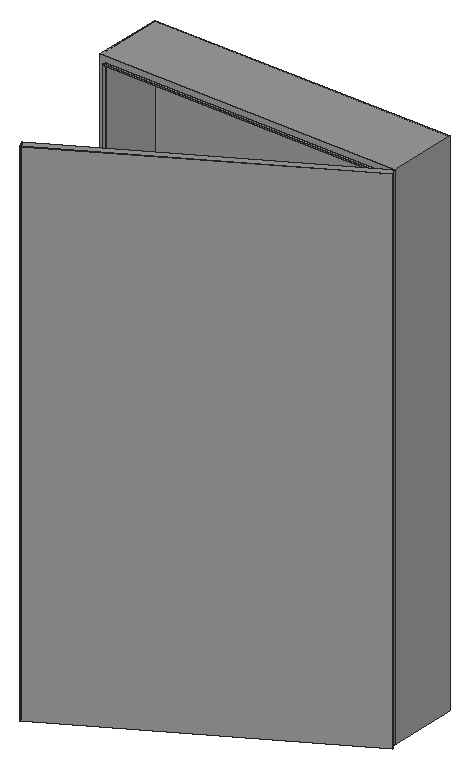
Revit family "Hager-Univers-IP44-D205-H1400-Cl.I-Encl-NoHosted-PL-en", category Equipement électrique, Revit 2020
Family settings
  Configuration du panneau = Deux colonnes, circuits au sein
  Cote de connecteur circulaire = Utiliser le diamètre
  Type d'élément = Tableau de raccordement
  Basée sur le plan de construction = Oui
  Toujours verticalement = Oui
  Couper avec des vides une fois chargée = Non
  Partagée = Non
  Point de calcul de pièce = Non
Parameters (values of type "Surface mounted (plaster) IP44 W800 H1400 D205  - FP93TN2")
  Width Control [instance] = if([EF000008 - Width] > Min Width, [EF000008 - Width], Min Width)  # 800 mm
  Commentaires du type = [HG000003 - Range]  # "Univers"
  Thickness Door [instance] = if([EF009171 - Material plate thickness door/cover] > 3 mm, 3 mm, [EF009171 - Material plate thickness door/cover])  # 1 mm
  Seal Frame Offset [instance] = 17 mm  # constant formula
  Plinth Visibility [instance] = [HG000027 - Plinth height] > 0 mm  # no
  Min Width [instance] = 100 mm  # constant formula
  Min Depth [instance] = (2 * [EF009170 - Material plate thickness cabinet]) + 1 mm  # 3 mm
  Min Height [instance] = 100 mm  # constant formula
  Internal Frame Depth [instance] = (Door System Depth * 0.5)  # 9 mm
  Panel Name [instance] = ""  # (empty or 0)
  Model = ""
  HG000027 - Plinth height = 0 mm
  HG000026 - Floor standing = no
  HG000024 - Bottom section height = 600 mm
  HG000023 - Double section enclosure = no
  HG000016 - Door 3d visibility [instance] = yes
  HG000015 - Clearance visibility [instance] = no
  HG000014 - Door on the right [instance] = yes
  HG000013 - Door on the left [instance] = not([HG000014 - Door on the right])  # no
  HG000012 - Door swing angle [instance] = 30.00°
  HG000010 - Asymmetric doors = no
  HG000009 - Double swing door = no
  HG000006 - Flush mounted = no
  HG000004 - Manufacturer reference = "FP93TN2"
  HG000003 - Range = "Univers"
  HG000002 - With door or cover = yes
  Frame Offset Bottom [instance] = 10 mm  # constant formula
  Frame Offset [instance] = 15 mm  # constant formula
  EF015940 - Cover with overpressure release = no
  EF011959 - Degree of protection (NEMA) = ""
  EF009554 - Number of openings for flange plates = 6
  EF009212 - Cover model = "EV000116 - Closed"
  EF009171 - Material plate thickness door/cover = 1 mm
  EF009170 - Material plate thickness cabinet = 1 mm
  EF008873 - Nominal current (In) = 250 A
  EF007800 - Suitable for lightning protection = no
  EF006306 - With lock = no
  EF006244 - Transparent cover/door = no
  EF005474 - Degree of protection (IP) = "EV006418 - IP44"
  EF004464 - Type of door = "EV002646 - Single"
  EF004427 - Number of modules = 324
  EF004293 - Impact strength = "EV006815 - IK09"
  EF003532 - Suitable for outdoor use = no
  EF002950 - Width in number of modular spacings = 36
  EF001613 - Circuit integrity = "EV000494 - None"
  EF001596 - Material housing = "EV000179 - Steel"
  EF001131 - Internal depth = 130 mm
  EF001088 - Extension possible = yes
  EF000437 - Number of conduit inlets = 6
  EF000339 - Type of cover = "EV001012 - Cover"
  EF000266 - Number of rows = 9
  EF000218 - Built-in depth = 205 mm
  EF000118 - With mounting plate = no
  EF000116 - RAL-number = "9010"
  EF000049 - Depth = 205 mm
  EF000040 - Height = 1400 mm
  EF000008 - Width = 800 mm
  EF000007 - Colour = "EV000202 - White"
  EF000003 - Mounting method = "EV000384 - Surface mounted (plaster)"
  Door System Leaf Tolerance [instance] = 1.5 mm  # constant formula
  Door System Depth [instance] = 18 mm  # constant formula
  Door Height [instance] = Height Control - [HG000027 - Plinth height]  # 1400 mm
  Description = ""
  Default Elevation = 1219.2 mm
  Connector Offset [instance] = Height Control / 2  # 700 mm
  Fabricant = "Hager"  # constant formula
  Height Control [instance] = if([EF000040 - Height] > Min Height, [EF000040 - Height], Min Height)  # 1400 mm
  Depth Control [instance] = if([EF000049 - Depth] > Min Depth, [EF000049 - Depth], Min Depth)  # 205 mm
  Bottom Top Plate Trim [instance] = 1.5 mm  # constant formula
  Plinth height Ctrl [instance] = if([HG000027 - Plinth height] > 0 mm, [HG000027 - Plinth height], 12 mm)  # 12 mm
Types (4, lengths in mm): name | Width Control | HG000010 - Asymmetric doors | HG000009 - Double swing door | HG000004 - Manufacturer reference | EF009554 - Number of openings for flange plates | EF004464 - Type of door | EF004427 - Number of modules | EF002950 - Width in number of modular spacings | EF000437 - Number of conduit inlets | EF000008 - Width
  Surface mounted (plaster) IP44 W1300 H1400 D205  - FP95TN2 | 1300 | yes | yes | "FP95TN2" | 10 | "EV003602 - Double" | 540 | 60 | 10 | 1300
  Surface mounted (plaster) IP44 W300 H1400 D205  - FP91TN2 | 300 | no | no | "FP91TN2" | 2 | "EV002646 - Single" | 108 | 12 | 2 | 300
  Surface mounted (plaster) IP44 W550 H1400 D205  - FP92TN2 | 550 | no | no | "FP92TN2" | 4 | "EV002646 - Single" | 216 | 24 | 4 | 550
  Surface mounted (plaster) IP44 W800 H1400 D205  - FP93TN2 | 800 | no | no | "FP93TN2" | 6 | "EV002646 - Single" | 324 | 36 | 6 | 800
Reference planes
  plane 1 "Center (Front/Back)": y = 0
  plane 2: z = 0
  plane 3 "Center (Left/Right)": x = 0
  plane 4: y = 0
  plane 5: y = 0
  plane 6: z = 0
  plane 7: x = -400
  plane 8: x = 400
  plane 9: x = 399
  plane 10: x = -399
  plane 11: z = 0
  plane 12: z = 1
  plane 13: y = -205
  plane 14: y = -1
  plane 15: x = 0
  plane 16: y = -187
  plane 17: y = -204
  plane 18: y = -186
  plane 19: x = -384
  plane 20: x = 384
  plane 21: z = 11
  plane 22: x = -383
  plane 23: x = 383
  plane 24: z = 0
  plane 25: z = 1400
  plane 26: z = 1400
  plane 27: z = 1384
  plane 28: z = 1399
Forms (mm)
  Extrusion 1, solid, material "Hager_Steel_RAL7035_Light_Grey", detail levels medium+fine
    sketch origin (-208.679, -4572, 0) x (-1, 0, 0) y (0, -1, 0)
      loop
        line (191.321, -4385) -> (-608.679, -4385) -> (-608.679, -4572) -> (191.321, -4572) -> (191.321, -4385)
    from 0 to 1400
  Extrusion 2, void
    sketch origin (-350.771, -205, 1219.2) x (1, 0, 0) y (0, 0, 1)
      loop
        line (-48.229, 179.8) -> (-48.229, -1218.2) -> (749.771, -1218.2) -> (749.771, 179.8) -> (-48.229, 179.8)
    from -19 to -204
  Extrusion 3, void
    sketch origin (-290.084, -187, 1219.2) x (1, 0, 0) y (0, 0, 1)
      loop
        line (-93.916, -1208.2) -> (674.084, -1208.2) -> (674.084, 164.8) -> (-93.916, 164.8) -> (-93.916, -1208.2)
    from 0 to -1
  Extrusion 4, solid, material "Hager_Steel_RAL7035_Light_Grey", visible <- "Plinth Visibility", detail levels medium+fine
    sketch origin (0, 0, 0) x (1, 0, 0) y (0, 1, 0)
      loop
        line (-400, 0) -> (-400, -187) -> (400, -187) -> (400, 0) -> (-400, 0)
    from 0 to 12 <- "Plinth height Ctrl"
  Extrusion 5, solid, material "Hager_Steel_RAL7035_Light_Grey", detail levels coarse
    sketch origin (0, 0, 0) x (1, 0, 0) y (0, 1, 0)
      loop
        line (-400, 0) -> (-400, -205) -> (400, -205) -> (400, 0) -> (-400, 0)
    from 0 to 1400 <- "Height Control"
  Sweep 6, void
    path in 3D
      loop
        line (-400, -187, 12) -> (400, -187, 12) -> (400, 0, 12) -> (-400, 0, 12) -> (-400, -187, 12)
    profile origin (-400, -93.5, 12) x (1, 0, 0) y (0, 0, 1)
      loop
        line (0, 0) -> (0, -1.5) -> (1.5, -1.5)
        arc (1.5, -1.5) -> (1.061, -0.439) -> (0, 0) r 1.5
  Extrusion 7, solid, material "Hager_Steel_RAL7035_Light_Grey", detail levels fine
    sketch origin (-400, -187, 0) x (1, 0, 0) y (0, 0, 1)
      loop
        line (16, 11) -> (784, 11) -> (784, 1384) -> (16, 1384) -> (16, 11)
      loop
        line (15, 10) -> (785, 10) -> (785, 1385) -> (15, 1385) -> (15, 10)
    from 0 to 9 <- "Internal Frame Depth"
Cuts and joins
  Extrusion 2, Extrusion 3 cuts Extrusion 1
  Sweep 6 cuts Extrusion 4
Lines and regions (mm)
  Masking region 1
    outline origin (0, 0, 0) x (1, 0, 0) y (0, 1, 0)
      loop
        line (-400, 0) -> (-400, -205) -> (400, -205) -> (400, 0) -> (-400, 0)
  Masking region 2, detail levels coarse
    outline origin (-290.084, -187, 1219.2) x (-1, 0, 0) y (0, 0, 1)
      loop
        line (-690.084, -1219.2) -> (109.916, -1219.2) -> (109.916, 180.8) -> (-690.084, 180.8) -> (-690.084, -1219.2)
  Masking region 3, detail levels coarse
    outline origin (0, 0, 0) x (0, 1, 0) y (0, 0, 1)
      loop
        line (0, 0) -> (0, 1400) -> (-205, 1400) -> (-205, 0) -> (0, 0)
  Masking region 4, visible <- "Plinth Visibility", detail levels medium+fine
    outline origin (0, 0, 0) x (0, 1, 0) y (0, 0, 1)
      loop
        line (-1.5, 12) -> (-185.5, 12)
        arc (-185.5, 12) -> (-185.939, 10.939) -> (-187, 10.5) r 1.5
        line (-187, 10.5) -> (-187, 0) -> (0, 0) -> (0, 10.5)
        arc (0, 10.5) -> (-1.061, 10.939) -> (-1.5, 12) r 1.5
  Masking region 5, detail levels medium+fine
    outline origin (0, 0, 594.038) x (0, 1, 0) y (0, 0, 1)
      loop
        line (0, -594.038) -> (0, 805.962) -> (-187, 805.962) -> (-187, -594.038) -> (0, -594.038)
  Masking region 6, detail levels medium+fine
    outline origin (-359.7, -187, 1211.883) x (-1, 0, 0) y (0, 0, 1)
      loop
        line (-759.7, -1211.883) -> (40.3, -1211.883) -> (40.3, 188.117) -> (-759.7, 188.117) -> (-759.7, -1211.883)
  Masking region 7, visible <- "Plinth Visibility", detail levels medium+fine
    outline origin (-320.334, -187, 1041.368) x (-1, 0, 0) y (0, 0, 1)
      loop
        line (-720.334, -1041.368) -> (79.666, -1041.368) -> (79.666, -1030.868)
        arc (79.666, -1030.868) -> (78.606, -1030.429) -> (78.166, -1029.368) r 1.5
        line (78.166, -1029.368) -> (-718.834, -1029.368)
        arc (-718.834, -1029.368) -> (-719.273, -1030.429) -> (-720.334, -1030.868) r 1.5
        line (-720.334, -1030.868) -> (-720.334, -1041.368)
  sketch lines
    curve 1: line (-400, 0, 12) -> (-400, -187, 12)
    curve 2: line (-400, -187, 12) -> (400, -187, 12)
    curve 3: line (400, 0, 12) -> (-400, 0, 12)
    curve 4: line (400, -187, 12) -> (400, 0, 12)
Dimensions and locks
  locked: plane 1 "Center (Front/Back)" to plane 5
  "EF009170 - Material plate thickness cabinet": plane 7 to plane 10
  "EF009170 - Material plate thickness cabinet": plane 8 to plane 9
  equal spacing: plane 7, plane 3 "Center (Left/Right)", plane 8
  "Width Control": plane 7 to plane 8
  "Depth Control": plane 4 to plane 13
  "EF009170 - Material plate thickness cabinet": plane 4 to plane 14
  "Height Control": plane 25 to level
  "HG000027 - Plinth height": plane 11 to level
  "EF009170 - Material plate thickness cabinet": plane 12 to plane 11
  "EF009170 - Material plate thickness cabinet": plane 17 to plane 13
  "EF009170 - Material plate thickness cabinet": plane 18 to plane 16
  "Frame Offset Bottom": plane 21 to plane 12
  "Frame Offset": plane 10 to plane 19
  "Frame Offset": plane 9 to plane 20
  "Door System Depth": plane 16 to plane 13
  "Seal Frame Offset": plane 7 to plane 22
  "Seal Frame Offset": plane 8 to plane 23
  "EF009170 - Material plate thickness cabinet": plane 26 to plane 28
  "Frame Offset": plane 28 to plane 27
  "Connector Offset": plane 2 to connector elem
  "Bottom Top Plate Trim": profile plane to Sweep 6 sketch curve
  "Bottom Top Plate Trim": Sweep 6 sketch curve to Sweep 6 sketch curve
  "Plinth height Ctrl": Masking region 4 sketch curve to level
  "Plinth height Ctrl": Masking region 7 sketch curve to level
  "Thickness Door": Extrusion 7 sketch curve to Extrusion 7 sketch curve  (x4)
  "Bottom Top Plate Trim": radius of Sweep 6 sketch curve
  "Bottom Top Plate Trim": radius of Masking region 4 sketch curve  (x2)
  "Bottom Top Plate Trim": radius of Masking region 7 sketch curve  (x2)
  aligned and locked: Extrusion 2 sketch curve to plane 12
  aligned and locked: Extrusion 2 sketch curve to plane 9
  aligned and locked: Extrusion 2 sketch curve to plane 10
  aligned and locked: Extrusion 2 to plane 14
  aligned and locked: Extrusion 1 sketch curve to plane 4
  aligned and locked: plane 8 to Extrusion 1 sketch curve
  aligned and locked: plane 7 to Extrusion 1 sketch curve
  aligned and locked: Extrusion 2 to plane 18
  aligned and locked: Extrusion 3 sketch curve to plane 19
  aligned and locked: plane 20 to Extrusion 3 sketch curve
  aligned and locked: Extrusion 3 to Extrusion 2
  aligned and locked: Extrusion 3 sketch curve to plane 21
  aligned and locked: plane 3 "Center (Left/Right)" to nested 1
  aligned and locked: Extrusion 1 sketch curve to plane 16
  aligned and locked: Extrusion 4 sketch curve to cut or joined group of Extrusion 1, Extrusion 2, Extrusion 3
  aligned and locked: Masking region 1 sketch curve to plane 7
  aligned and locked: Masking region 1 sketch curve to plane 5
  aligned and locked: Masking region 1 sketch curve to plane 8
  aligned and locked: Masking region 2 sketch curve to level
  aligned and locked: level to Masking region 3 sketch curve
  aligned and locked: plane 1 "Center (Front/Back)" to Masking region 3 sketch curve
  aligned and locked: plane 13 to Masking region 3 sketch curve
  aligned and locked: plane 5 to Masking region 4 sketch curve
  aligned and locked: Masking region 2 sketch curve to plane 8
  aligned and locked: Masking region 2 sketch curve to plane 7
  aligned and locked: plane 7 to nested 2
  aligned and locked: nested 2 to plane 5
  aligned and locked: plane 5 to Masking region 5 sketch curve
  aligned and locked: plane 26 to Masking region 5 sketch curve
  aligned and locked: Extrusion 5 sketch curve to plane 8
  aligned and locked: Extrusion 5 sketch curve to plane 7
  aligned and locked: Extrusion 5 sketch curve to plane 5
  aligned and locked: Extrusion 3 sketch curve to plane 27
  aligned and locked: Extrusion 2 sketch curve to plane 28
  aligned and locked: Masking region 2 to plane 25
  aligned and locked: Extrusion 4 to plane 16
  aligned and locked: profile plane to Sweep 6 sketch curve
  aligned and locked: Masking region 5 sketch curve to plane 24
  aligned and locked: level to Masking region 4 sketch curve
  aligned and locked: Masking region 1 to plane 13
  aligned and locked: nested 1 to plane 16
  aligned and locked: Masking region 3 to plane 25
  aligned and locked: plane 16 to Masking region 4 sketch curve
  aligned and locked: Masking region 5 sketch curve to plane 16
  aligned and locked: plane 24 to plane 11
  aligned and locked: plane 26 to plane 25
  aligned and locked: plane 26 to cut or joined group of Extrusion 1, Extrusion 2, Extrusion 3
  aligned and locked: nested 1 to plane 24
  aligned and locked: Extrusion 1 to Extrusion 3
  aligned and locked: Masking region 6 sketch curve to plane 8
  aligned and locked: Masking region 6 sketch curve to plane 24
  aligned and locked: Masking region 6 sketch curve to plane 7
  aligned and locked: Masking region 6 sketch curve to plane 26
  aligned and locked: Masking region 7 sketch curve to plane 7
  aligned and locked: level to Masking region 7 sketch curve
  aligned and locked: Masking region 7 sketch curve to plane 8
  aligned and locked: Extrusion 7 sketch curve to cut or joined group of Extrusion 1, Extrusion 2, Extrusion 3  (x4)
Automatic sketch dimensions
  plane 19 to Extrusion 3 sketch curve = 0 mm
  Extrusion 3 sketch curve to plane 20 = 0 mm
  Extrusion 3 sketch curve to plane 21 = 0 mm
  Extrusion 4 sketch curve to plane 7 = 0 mm
  Extrusion 4 sketch curve to plane 8 = 0 mm
  Extrusion 4 sketch curve to plane 16 = 0 mm
  Masking region 1 sketch curve to plane 13 = 0 mm
  Masking region 2 sketch curve to plane 25 = 0 mm
  Masking region 3 sketch curve to plane 25 = 0 mm
  Extrusion 5 sketch curve to plane 13 = 0 mm
  profile plane to Sweep 6 sketch curve = 0 mm
Nested families
  nested 1: "EC000058_Univers_Door" at (0, -187, 0), Double <- "HG000009 - Double swing door", Transparent <- "EF006244 - Transparent cover/door", Angle <- "HG000012 - Door swing angle", Door_Right <- "HG000014 - Door on the right", Assymetrical <- "HG000010 - Asymmetric doors", Door <- "HG000002 - With door or cover", Width_Ctrl <- "Width Control", 3d_Door <- "HG000016 - Door 3d visibility", Clearance <- "HG000015 - Clearance visibility", Door_Left <- "HG000013 - Door on the left", Width <- "Width Control", Door_Depth <- "Door System Depth", Leaf_Tolerance <- "Door System Leaf Tolerance", Height <- "Door Height", Lock_Visibility <- "EF006306 - With lock", Thickness <- "Thickness Door", type "EC000058_Univers_Door", detail levels medium+fine
    with min_wh 3 mm, Width_Ctrl 800 mm, Width 800 mm, Transparent no, Thickness 1 mm, Seal_Material Hager_Rubber, Lock_Visibility no, Lock_Material Hager_Plastic_RAL9005_Jet_Black, Leaf_Width 800 mm, Leaf_Tolerance_External_Sides 0 mm, Leaf_Tolerance 1.5 mm, Leaf_Offset 0 mm, Leaf_Height 1397 mm, Leaf_2_Width 800 mm, Leaf_2_Offset 400 mm, Leaf_1_Width 800 mm, Leaf_1_Offset 400 mm, Height_Ctrl 1400 mm, Height 1400 mm, Glass_Material Hager_Glass, Double_Clearance_Ctrl no, Double no, Door_Right_Ctrl yes, Door_Right yes, Door_Material Hager_Steel_RAL7035_Light_Grey, Door_Left_Ctrl no, Door_Left no, Door_Depth 18 mm, Door yes, Clearance_Material Hager_Clearance, Clearance_Depth 800 mm, Clearance_Ctrl no, Clearance no, Assymetrical no, Angle 30.00°, 3d_Door yes
  nested 2: "Hager_Enclosure_Symbol" at (-400, 0, 0), Height <- "Depth Control", Width <- "Width Control", type "Hager_Enclosure_Symbol"
    with Width_Ctrl 800 mm, Width 800 mm, Height_Ctrl 205 mm, Height 205 mm, A_Width_Int 13.453 mm, A_Width 161.438 mm, A_Height_Ctrl 179.375 mm, A_Height 179.375 mm
Connectors
  electrical at (0, 0, 700)
    settings: on plane 1 "Center (Front/Back)", index 1, voltage 0 V, apparent load 0 VA, apparent load phase1 0 VA, apparent load phase2 0 VA, apparent load phase3 0 VA, power factor 1, load classification "Other", number of poles 1, system type 30, power factor state 1, is connector primary yes, connector utility no, sub classification motor no, connector description ""
Definition of nested family "EC000058_Univers_Door"
  Parameters (values of type "EC000058_Univers_Door")
    min_wh [instance] = (2 * Thickness) + 1 mm  # 11 mm
    Width_Ctrl [instance] = 400 mm
    Width [instance] = 500 mm
    Transparent [instance] = yes
    Thickness [instance] = 5 mm
    Seal_Material [instance] = none
    Lock_Visibility [instance] = yes
    Lock_Material [instance] = none
    Leaf_Width [instance] = if((Width_Ctrl - 2 * Leaf_Tolerance_External_Sides) > 0 mm, (Width_Ctrl - 2 * Leaf_Tolerance_External_Sides), min_wh)  # 400 mm
    Leaf_Tolerance_External_Sides [instance] = 0 mm  # constant formula
    Leaf_Tolerance [instance] = 1.5 mm
    Leaf_Offset [instance] = 0 mm  # constant formula
    Leaf_Height [instance] = if((Height_Ctrl - 2 * Leaf_Tolerance) > 0 mm, (Height_Ctrl - 2 * Leaf_Tolerance), min_wh)  # 497 mm
    Leaf_2_Width [instance] = if(and(and(Double, Assymetrical), Door_Left), (Leaf_Width / 3) - (Leaf_Tolerance / 2), if(and(and(Double, Assymetrical), Door_Right), (Leaf_Width / 3) * 2 - (Leaf_Tolerance / 2), if(and(Double, not(Assymetrical)), (Leaf_Width / 2) - Leaf_Tolerance, Leaf_Width)))  # 400 mm
    Leaf_2_Offset [instance] = if(and(Double, Assymetrical), Leaf_2_Width / 2, if(and(Double, not(Assymetrical)), Leaf_Width / 4, Leaf_Width / 2))  # 200 mm
    Leaf_1_Width [instance] = if(and(and(Double, Assymetrical), Door_Right), (Leaf_Width / 3) - (Leaf_Tolerance / 2), if(and(and(Double, Assymetrical), Door_Left), (Width / 3) * 2 - (Leaf_Tolerance / 2), if(and(Double, not(Assymetrical)), (Leaf_Width / 2) - Leaf_Tolerance, Leaf_Width)))  # 400 mm
    Leaf_1_Offset [instance] = if(and(Double, Assymetrical), Leaf_1_Width / 2, if(and(Double, not(Assymetrical)), Leaf_Width / 4, Leaf_Width / 2))  # 200 mm
    Height_Ctrl [instance] = if(Height > min_wh, Height, min_wh)  # 500 mm
    Height [instance] = 500 mm
    Glass_Material [instance] = none
    Double_Clearance_Ctrl [instance] = and(Double, Clearance)  # no
    Double [instance] = no
    Door_Right_Ctrl [instance] = and(or(Door_Right, Double), Door)  # yes
    Door_Right [instance] = yes
    Door_Material [instance] = none
    Door_Left_Ctrl [instance] = and(or(Door_Left, Double), Door)  # no
    Door_Left [instance] = no
    Door_Depth [instance] = 30 mm
    Door [instance] = yes
    Default Elevation = 1219.2 mm
    Clearance_Material [instance] = none
    Clearance_Depth [instance] = if(Leaf_1_Width > Leaf_2_Width, Leaf_1_Width, Leaf_2_Width)  # 400 mm
    Clearance_Ctrl [instance] = and(not(Double), Clearance)  # yes
    Clearance [instance] = yes
    Assymetrical [instance] = yes
    Angle [instance] = 30.00°
    3d_Door [instance] = yes
  Reference planes
    plane 1 "Center (Front/Back)": y = 0
    plane 2 "Bottom": z = 0
    plane 3 "Center (Left/Right)": x = 0
    plane 4: z = 500
    plane 5: x = -200
    plane 6: x = 200
    plane 7: z = 500
    plane 8: x = -200
    plane 9: z = 0
    plane 10: x = 200
    plane 11: y = 0
    plane 12: z = 1.5
    plane 13: x = -600
    plane 14: y = -400
    plane 15: x = 600
    plane 16: x = 0
    plane 17: x = 0
    plane 18: x = -200
    plane 19: x = 200
    plane 20: z = 498.5
  Forms (mm)
    Extrusion 1, solid, material <- "Clearance_Material", visible <- "Double_Clearance_Ctrl"
      sketch origin (1200, 0, 0) x (1, 0, 0) y (0, 0, -1)
        loop
          line (-1800, -498.5) -> (-600, -498.5) -> (-600, 0) -> (-1800, 0) -> (-1800, -498.5)
      from 0 to -400
  Dimensions and locks
    equal spacing: plane 5, plane 3 "Center (Left/Right)", plane 6
    "Width_Ctrl": plane 5 to plane 6
    "Leaf_Offset": plane 5 to plane 8
    "Leaf_Offset": plane 6 to plane 10
    "Leaf_Offset": plane 9 to level
    "Leaf_Offset": plane 4 to plane 7
    "Height_Ctrl": plane 4 to level
    "Leaf_Tolerance": plane 12 to plane 9
    locked: plane 11 to plane 1 "Center (Front/Back)"
    "Leaf_1_Offset": plane 18 to plane 16
    "Leaf_2_Offset": plane 17 to plane 19
    "Leaf_1_Width": plane 13 to plane 8
    "Leaf_2_Width": plane 10 to plane 15
    "Clearance_Depth": plane 14 to plane 1 "Center (Front/Back)"
    "Leaf_Tolerance_External_Sides": plane 8 to plane 18
    "Leaf_Tolerance_External_Sides": plane 19 to plane 10
    "Leaf_Tolerance": plane 7 to plane 20
    aligned and locked: level to plane 2 "Bottom"
    aligned and locked: nested 1 to plane 16
    aligned and locked: nested 2 to plane 17
    aligned and locked: Extrusion 1 to plane 13
    aligned and locked: plane 15 to Extrusion 1
    aligned and locked: Extrusion 1 to plane 14
    aligned and locked: plane 12 to nested 1
    aligned and locked: nested 2 to plane 12
    aligned and locked: Extrusion 1 to plane 11
    aligned and locked: plane 20 to Extrusion 1
    aligned and locked: nested 2 to plane 11
    aligned and locked: nested 1 to plane 11
  Automatic sketch dimensions
    Extrusion 1 sketch curve to level = 0 mm
    plane 5 to Extrusion 1 sketch curve = 400 mm
    plane 6 to Extrusion 1 sketch curve = 400 mm
    Extrusion 1 sketch curve to plane 4 = 1.5 mm
  Nested families
    nested 1: "EC000058_Univers_Door_Leaf" at (0, 0, 1.5), Width <- "Leaf_1_Width", visible <- "Door_Left_Ctrl", Leaf_Height <- "Leaf_Height", Angle <- "Angle", 3d_Door <- "3d_Door", Transparent <- "Transparent", Clearance Material <- "Clearance_Material", Clearance <- "Clearance_Ctrl", Door_Material <- "Door_Material", Glass_Material <- "Glass_Material", Door_Depth <- "Door_Depth", Lock_Material <- "Lock_Material", Seal_Material <- "Seal_Material", Lock_Visibility <- "Lock_Visibility", Thickness <- "Thickness", type "EC000058_Univers_Door_Leaf"
      with Width 400 mm, Transparent_Glass_Offset 30 mm, Transparent_Ctrl yes, Transparent yes, Thickness 5 mm, Standard no, Seal_Material none, Seal_D2 8 mm, Seal_D1 1 mm, Offset_Internal_Frame 10 mm, Lock_Width 20 mm, Lock_Visibility_3d yes, Lock_Visibility yes, Lock_Thickness_3 3 mm, Lock_Thickness_2 1 mm, Lock_Thickness_1 3 mm, Lock_Radius_Offset_2 16 mm, Lock_Radius_Offset_1 15 mm, Lock_Radius_2 5 mm, Lock_Radius 6 mm, Lock_Offset 5 mm, Lock_Material none, Lock_Height 80 mm, Lock_Cover_Top_Offset_2d 17 mm, Lock_Cover_Height -65 mm, Leaf_Height 497 mm, Internal_Seal_Thickness 8 mm, Internal_Seal_Depth_2 4.5 mm, Internal_Frame_Depth 25 mm, Glass_Thickness -1 mm, Glass_Offset -2 mm, Glass_Material none, Door_Material none, Door_Depth 30 mm, Clearance Material none, Clearance yes, Angle_Ctrl 30.00°, Angle 30.00°, 3d_Door yes
    nested 2: "EC000058_Univers_Door_Leaf" at (0, 0, 1.5) x (-1, 0, 0) z (0, 0, 1), Width <- "Leaf_2_Width", visible <- "Door_Right_Ctrl", Leaf_Height <- "Leaf_Height", Angle <- "Angle", 3d_Door <- "3d_Door", Transparent <- "Transparent", Clearance Material <- "Clearance_Material", Clearance <- "Clearance_Ctrl", Door_Material <- "Door_Material", Glass_Material <- "Glass_Material", Door_Depth <- "Door_Depth", Lock_Material <- "Lock_Material", Seal_Material <- "Seal_Material", Lock_Visibility <- "Lock_Visibility", Thickness <- "Thickness", type "EC000058_Univers_Door_Leaf"
      with Width 400 mm, Transparent_Glass_Offset 30 mm, Transparent_Ctrl yes, Transparent yes, Thickness 5 mm, Standard no, Seal_Material none, Seal_D2 8 mm, Seal_D1 1 mm, Offset_Internal_Frame 10 mm, Lock_Width 20 mm, Lock_Visibility_3d yes, Lock_Visibility yes, Lock_Thickness_3 3 mm, Lock_Thickness_2 1 mm, Lock_Thickness_1 3 mm, Lock_Radius_Offset_2 16 mm, Lock_Radius_Offset_1 15 mm, Lock_Radius_2 5 mm, Lock_Radius 6 mm, Lock_Offset 5 mm, Lock_Material none, Lock_Height 80 mm, Lock_Cover_Top_Offset_2d 17 mm, Lock_Cover_Height -65 mm, Leaf_Height 497 mm, Internal_Seal_Thickness 8 mm, Internal_Seal_Depth_2 4.5 mm, Internal_Frame_Depth 25 mm, Glass_Thickness -1 mm, Glass_Offset -2 mm, Glass_Material none, Door_Material none, Door_Depth 30 mm, Clearance Material none, Clearance yes, Angle_Ctrl 30.00°, Angle 30.00°, 3d_Door yes
  Definition of nested family "EC000058_Univers_Door_Leaf"
    Parameters (values of type "EC000058_Univers_Door_Leaf")
      Width [instance] = 2000 mm
      Transparent_Glass_Offset [instance] = 30 mm
      Transparent_Ctrl [instance] = and(Transparent, [3d_Door])  # yes
      Transparent [instance] = yes
      Thickness [instance] = 5 mm
      Standard [instance] = and(not(Transparent), [3d_Door])  # no
      Seal_Material [instance] = none
      Seal_D2 [instance] = 8 mm  # constant formula
      Seal_D1 [instance] = 1 mm  # constant formula
      Offset_Internal_Frame [instance] = 10 mm  # constant formula
      Lock_Width [instance] = 20 mm  # constant formula
      Lock_Visibility_3d [instance] = and(Lock_Visibility, [3d_Door])  # yes
      Lock_Visibility [instance] = yes
      Lock_Thickness_3 [instance] = 3 mm  # constant formula
      Lock_Thickness_2 [instance] = 1 mm  # constant formula
      Lock_Thickness_1 [instance] = 3 mm  # constant formula
      Lock_Radius_Offset_2 [instance] = Lock_Radius_Offset_1 + 1 mm  # 16 mm
      Lock_Radius_Offset_1 [instance] = 15 mm  # constant formula
      Lock_Radius_2 [instance] = Lock_Radius - 1 mm  # 5 mm
      Lock_Radius [instance] = 6 mm  # constant formula
      Lock_Offset [instance] = 5 mm  # constant formula
      Lock_Material [instance] = none
      Lock_Height [instance] = 80 mm  # constant formula
      Lock_Cover_Top_Offset_2d [instance] = Lock_Radius_Offset_2 + 1 mm  # 17 mm
      Lock_Cover_Height [instance] = -(Lock_Height - Lock_Radius_Offset_1)  # -65 mm
      Leaf_Height [instance] = 2720.336 mm
      Internal_Seal_Thickness [instance] = 8 mm  # constant formula
      Internal_Seal_Depth_2 [instance] = 4.5 mm  # constant formula
      Internal_Frame_Depth [instance] = if(Door_Depth - Thickness > 5 mm, Door_Depth - Thickness, 5 mm)  # 25 mm
      Glass_Thickness [instance] = if(Thickness > 15 mm, Glass_Offset + 10 mm, -1 mm)  # -1 mm
      Glass_Offset [instance] = if(Thickness > 15 mm, -(Thickness + 10 mm) / 2, -2 mm)  # -2 mm
      Glass_Material [instance] = none
      Door_Material [instance] = none
      Door_Depth [instance] = 30 mm
      Default Elevation = 0 mm
      Clearance Material [instance] = none
      Clearance [instance] = yes
      Angle_Ctrl [instance] = if(Angle > 180.00°, 180.00°, Angle)  # 90.00°
      Angle [instance] = 90.00°
      3d_Door [instance] = yes
    Reference planes
      plane 1 "Center (Front/Back)": y = 0
      plane 2: z = 0
      plane 3 "Center (Left/Right)": x = 0
      plane 4: y = 2000
      plane 5: x = -1000
      plane 6: x = 1000
      plane 7: x = -3000
      plane 8: z = 2720.336
      plane 9: z = 30
      plane 10: z = 2690.336
      plane 11: x = 970
      plane 12: x = -970
      plane 13: y = -3
      plane 14: z = 107.833
      plane 15: y = -5
      plane 16: y = -223.314
      plane 17: x = -1000
      plane 18: z = 1360.168
      plane 19: y = 30
    Forms (mm)
      Extrusion 1, solid, material <- "Clearance Material", visible <- "Clearance"
        sketch origin (0, 0, 0) x (1, 0, 0) y (0, 0, 1)
          loop
            line (-3000, 2720.336) -> (-3000, 0) -> (1000, 0) -> (1000, 2720.336) -> (-3000, 2720.336)
        from 0 to -2000
      Extrusion 2, solid, material <- "Door_Material", visible <- "Standard", detail levels medium+fine
        sketch origin (-1000, 0, 0) x (0, 1, 0) y (-1, 0, 0)
          loop
            line (0, 30) -> (0, 25) -> (2000, 25) -> (2000, 30) -> (0, 30)
        from 0 to 2720.336 <- "Leaf_Height"
      Extrusion 3, solid, material <- "Door_Material", visible <- "Transparent_Ctrl", detail levels medium+fine
        sketch origin (-1000, 0, 0) x (0, 1, 0) y (-1, 0, 0)
          loop
            line (0, 25) -> (2000, 25) -> (2000, 30) -> (0, 30) -> (0, 25)
        from 0 to 2720.336 <- "Leaf_Height"
      Extrusion 4, void
        sketch origin (-1025, 2000, 0) x (0, 1, 0) y (0, 0, -1)
          loop
            line (-30, -2690.336) -> (-30, -30) -> (-1970, -30) -> (-1970, -2690.336) -> (-30, -2690.336)
        from 0 to 5 <- "Thickness"
      Sweep 5, solid, material <- "Seal_Material", visible <- "Transparent_Ctrl", detail levels fine
        path in 3D
          loop
            line (-1025, 30, 30) -> (-1025, 30, 2690.336) -> (-1025, 1970, 2690.336) -> (-1025, 1970, 30) -> (-1025, 30, 30)
        profile origin (-1025, 1000, 30) x (1, 0, 0) y (0, 0, 1)
          loop
            line (0, 0) -> (0, -8) -> (1, -8) -> (1, 0) -> (0, 0)
      Extrusion 6, solid, material <- "Glass_Material", visible <- "Transparent_Ctrl", detail levels medium+fine
        sketch origin (-1030, 0, 0) x (0, 1, 0) y (0, 0, -1)
          loop
            line (1970, -2690.336) -> (1970, -30) -> (30, -30) -> (30, -2690.336) -> (1970, -2690.336)
        from -2 <- "Glass_Offset" to -1 <- "Glass_Thickness"
      Extrusion 7, solid, material <- "Door_Material", visible <- "3d_Door", detail levels medium+fine
        sketch origin (-1025, 2000, 0) x (0, -1, 0) y (0, 0, -1)
          loop
            line (0, -2720.336) -> (2000, -2720.336) -> (2000, 0) -> (0, 0) -> (0, -2720.336)
          loop
            line (1995, -5) -> (5, -5) -> (5, -2715.336) -> (1995, -2715.336) -> (1995, -5)
        from 0 to 25 <- "Internal_Frame_Depth"
      Sweep 8, solid, material <- "Seal_Material", visible <- "Transparent_Ctrl", detail levels fine
        path in 3D
          loop
            line (-1025, 0, 0) -> (-1025, 2000, 0) -> (-1025, 2000, 2720.336) -> (-1025, 0, 2720.336) -> (-1025, 0, 0)
        profile origin (-1025, 0, 1360.168) x (1, 0, 0) y (0, 1, 0)
          loop
            line (0, 10) -> (2.975, 10)
            arc (2.975, 10) -> (4.053, 10.447) -> (4.5, 11.525) r 1.525
            line (4.5, 11.525) -> (4.5, 16.527)
            arc (4.5, 16.527) -> (4.069, 17.569) -> (3.027, 18) r 1.473
            line (3.027, 18) -> (0, 18) -> (0, 10)
      Extrusion 9, solid, material <- "Lock_Material", visible <- "Lock_Visibility_3d", detail levels fine
        sketch origin (-1030, 0, 0) x (0, 1, 0) y (0, 0, -1)
          loop
            arc (1993.5, -1400.168) -> (1994.561, -1399.729) -> (1995, -1398.668) r 1.5
            line (1995, -1398.668) -> (1995, -1320.168) -> (1975, -1320.168) -> (1975, -1398.668)
            arc (1975, -1398.668) -> (1975.439, -1399.729) -> (1976.5, -1400.168) r 1.5
            line (1976.5, -1400.168) -> (1993.5, -1400.168)
        from 3 <- "Lock_Thickness_1" to 0
      Blend 10, solid, material <- "Lock_Material", visible <- "Lock_Visibility_3d", detail levels fine
        base sketch origin (-1033, 0, 0) x (0, 1, 0) y (0, 0, -1)
          loop
            line (1975, -1320.168) -> (1975, -1398.668)
            arc (1975, -1398.668) -> (1975.439, -1399.729) -> (1976.5, -1400.168) r 1.5
            line (1976.5, -1400.168) -> (1993.5, -1400.168)
            arc (1993.5, -1400.168) -> (1994.561, -1399.729) -> (1995, -1398.668) r 1.5
            line (1995, -1398.668) -> (1995, -1320.168) -> (1975, -1320.168)
        top sketch origin (-1033, 0, 0) x (0, 1, 0) y (0, 0, -1)
          loop
            line (1976, -1320.168) -> (1976, -1398.668)
            arc (1976, -1398.668) -> (1976.146, -1399.022) -> (1976.5, -1399.168) r 0.5
            line (1976.5, -1399.168) -> (1993.5, -1399.168)
            arc (1993.5, -1399.168) -> (1993.854, -1399.022) -> (1994, -1398.668) r 0.5
            line (1994, -1398.668) -> (1994, -1320.168) -> (1976, -1320.168)
        from 0 to 1 <- "Lock_Thickness_2"
      Blend 11, solid, material <- "Lock_Material", visible <- "Lock_Visibility_3d", detail levels fine
        base sketch origin (-1034, 0, 0) x (0, 1, 0) y (0, 0, -1)
          loop
            line (1978, -1320.168) -> (1978, -1384.168)
            arc (1978, -1384.168) -> (1985, -1391.168) -> (1992, -1384.168) r 7
            line (1992, -1384.168) -> (1992, -1320.168) -> (1978, -1320.168)
        top sketch origin (-1034, 0, 0) x (0, 1, 0) y (0, 0, -1)
          loop
            line (1991, -1320.168) -> (1979, -1320.168) -> (1979, -1383.168)
            arc (1979, -1383.168) -> (1985, -1389.168) -> (1991, -1383.168) r 6
            line (1991, -1383.168) -> (1991, -1320.168)
        from 0 to 3 <- "Lock_Thickness_3"
      Extrusion 12, solid, material <- "Lock_Material", visible <- "Lock_Visibility_3d", detail levels fine
        sketch origin (-1030, 1975, 1320.168) x (1, 0, 0) y (0, -1, 0)
          loop
            line (-7, -19) -> (-7, -1) -> (0, -1) -> (0, 0) -> (-8, 0) -> (-8, -20) -> (0, -20) -> (0, -19) -> (-7, -19)
        from 0 to -65 <- "Lock_Cover_Height"
      Extrusion 13, void
        sketch origin (-1038, 1995, 1320.168) x (-1, 0, 0) y (0, 0, -1)
          loop
            line (-5, -65) -> (0, -65) -> (-5, -60) -> (-5, -65)
        from 0 to 20 <- "Lock_Width"
      Extrusion 14, void
        sketch origin (-1038, 1975, 1320.168) x (0, -1, 0) y (0, 0, -1)
          loop
            circle (-10, -15.995) r 6
          loop
            circle (-10, -15.995) r 5
        from 0 to 2
      Extrusion 15, solid, material <- "Lock_Material", visible <- "Lock_Visibility_3d", detail levels medium
        sketch origin (-1030, 0, 0) x (0, 1, 0) y (0, 0, -1)
          loop
            arc (1993.5, -1400.168) -> (1994.561, -1399.729) -> (1995, -1398.668) r 1.5
            line (1995, -1398.668) -> (1995, -1320.168) -> (1975, -1320.168) -> (1975, -1398.668)
            arc (1975, -1398.668) -> (1975.439, -1399.729) -> (1976.5, -1400.168) r 1.5
            line (1976.5, -1400.168) -> (1993.5, -1400.168)
        from 8 to 0
    Cuts and joins
      Extrusion 4 cuts Extrusion 3
      Extrusion 13, Extrusion 14 cuts Extrusion 9
      Extrusion 14 cuts Blend 11
      Extrusion 13, Extrusion 14 cuts Extrusion 12
      joined: Extrusion 9, Blend 10, Blend 11, Extrusion 12
      Extrusion 14 cuts Extrusion 15
    Lines and regions (mm)
      Masking region 1, visible <- "Lock_Visibility", detail levels fine
        outline origin (0, 0, 0) x (0, 1, 0) y (0, 0, 1)
          loop
            line (30, 1320.168) -> (33, 1320.168) -> (33, 1400.168) -> (30, 1400.168) -> (30, 1320.168)
      Masking region 2, visible <- "Lock_Visibility", detail levels fine
        outline origin (0, 3.143, 0) x (0, 1, 0) y (0, 0, 1)
          loop
            line (29.857, 1354.168) -> (30.857, 1354.168) -> (30.857, 1366.168) -> (29.857, 1366.168) -> (29.857, 1354.168)
      Masking region 3, detail levels medium+fine
        outline origin (0, 0, 0) x (0, 1, 0) y (0, 0, 1)
          loop
            line (0, 0) -> (30, 0) -> (30, 2720.336) -> (0, 2720.336) -> (0, 0)
      Masking region 4, detail levels medium+fine
        outline origin (0, 0, 0) x (1, 0, 0) y (0, 0, 1)
          loop
            line (-1000, 2720.336) -> (-1000, 0) -> (1000, 0) -> (1000, 2720.336) -> (-1000, 2720.336)
      Masking region 5, visible <- "Lock_Visibility", detail levels fine
        outline origin (-47.116, 0, 0) x (1, 0, 0) y (0, 0, 1)
          loop
            arc (1024.616, 1399.168) -> (1023.556, 1398.729) -> (1023.116, 1397.668) r 1.5
            line (1023.116, 1397.668) -> (1023.116, 1320.168) -> (1041.116, 1320.168) -> (1041.116, 1397.668)
            arc (1041.116, 1397.668) -> (1040.677, 1398.729) -> (1039.616, 1399.168) r 1.5
            line (1039.616, 1399.168) -> (1024.616, 1399.168)
      Masking region 6, visible <- "Lock_Visibility", detail levels medium+fine
        outline origin (-25, 0, 0) x (1, 0, 0) y (0, 0, 1)
          loop
            arc (1001.5, 1400.168) -> (1000.439, 1399.729) -> (1000, 1398.668) r 1.5
            line (1000, 1398.668) -> (1000, 1320.168) -> (1020, 1320.168) -> (1020, 1398.668)
            arc (1020, 1398.668) -> (1019.561, 1399.729) -> (1018.5, 1400.168) r 1.5
            line (1018.5, 1400.168) -> (1001.5, 1400.168)
      Masking region 7, visible <- "Lock_Visibility", detail levels fine
        outline origin (-73.735, 0, 0) x (1, 0, 0) y (0, 0, 1)
          loop
            line (1051.735, 1382.168) -> (1065.735, 1382.168) -> (1065.735, 1384.168)
            arc (1065.735, 1384.168) -> (1058.735, 1391.168) -> (1051.735, 1384.168) r 7
            line (1051.735, 1384.168) -> (1051.735, 1382.168)
      Masking region 8, visible <- "Lock_Visibility", detail levels fine
        outline origin (-73.735, 0, 0) x (1, 0, 0) y (0, 0, 1)
          loop
            line (1052.735, 1382.168) -> (1064.735, 1382.168) -> (1064.735, 1383.168)
            arc (1064.735, 1383.168) -> (1058.735, 1389.168) -> (1052.735, 1383.168) r 6
            line (1052.735, 1383.168) -> (1052.735, 1382.168)
      Masking region 9, visible <- "Lock_Visibility", detail levels fine
        outline origin (-25, 0, 0) x (1, 0, 0) y (0, 0, 1)
          loop
            line (1020, 1320.168) -> (1020, 1382.168) -> (1000, 1382.168) -> (1000, 1320.168) -> (1020, 1320.168)
      Masking region 10, detail levels medium+fine
        outline origin (0, 0, 0) x (1, 0, 0) y (0, 0, 1)
          loop
            circle (985, 1335.144) r 6
      Masking region 11, detail levels fine
        outline origin (0, 0, 0) x (1, 0, 0) y (0, 0, 1)
          loop
            circle (985, 1335.144) r 5
      Masking region 12, visible <- "Lock_Visibility", detail levels fine
        outline origin (0, 12.767, 0) x (0, 1, 0) y (0, 0, 1)
          loop
            line (20.233, 1320.168) -> (21.233, 1320.168) -> (21.233, 1399.168) -> (20.233, 1400.168) -> (20.233, 1320.168)
      Masking region 13, visible <- "Lock_Visibility", detail levels fine
        outline origin (0, 13.767, -10) x (0, 1, 0) y (0, 0, 1)
          loop
            line (20.233, 1330.168) -> (23.233, 1330.168) -> (23.233, 1399.168) -> (20.233, 1402.168) -> (20.233, 1330.168)
      Masking region 14, visible <- "Lock_Visibility", detail levels fine
        outline origin (0, 12.767, -10) x (0, 1, 0) y (0, 0, 1)
          loop
            line (20.233, 1330.168) -> (25.233, 1330.168) -> (25.233, 1399.305) -> (20.233, 1394.305) -> (20.233, 1330.168)
      Masking region 15, visible <- "Lock_Visibility", detail levels medium
        outline origin (0, 0, 0) x (0, 1, 0) y (0, 0, 1)
          loop
            line (30, 1320.168) -> (38, 1320.168) -> (38, 1400.168) -> (30, 1400.168) -> (30, 1320.168)
      Masking region 16, visible <- "Lock_Visibility", detail levels fine
        outline origin (-1000, 0, 0) x (0, 1, 0) y (-1, 0, 0)
          loop
            line (1975, 30) -> (1995, 30) -> (1995, 38) -> (1975, 38) -> (1975, 30)
          loop
            line (1979, 37) -> (1976, 37) -> (1976, 34) -> (1978, 34) -> (1979, 37)
          loop
            line (1994, 37) -> (1991, 37) -> (1992, 34) -> (1994, 34) -> (1994, 37)
      Masking region 17, visible <- "Lock_Visibility", detail levels medium
        outline origin (-1000, 0, 0) x (0, 1, 0) y (-1, 0, 0)
          loop
            line (1975, 30) -> (1995, 30) -> (1995, 38) -> (1975, 38) -> (1975, 30)
      symbolic lines
        curve 1: line (1000, 0, 0) -> (-3000, 0, 0)
        curve 2: arc (1000, 0, 0) -> (-1000, 2000, 0) -> (-3000, 0, 0) r 2000
        curve 4: line (-1030, 0, 0) -> (-1030, 2000, 0)
      reference lines
        curve 3: line (-1000, 0, 0) -> (-1000, 2000, 0)
      symbolic lines, detail levels medium+fine
        curve 5: line (-1030, 2000, 0) -> (-1025, 2000, 0)
        curve 7: line (-1025, 0, 0) -> (-1030, 0, 0)
        curve 8: line (-1025, 0, 0) -> (-1000, 0, 0)
        curve 9: line (-1000, 0, 0) -> (-1000, 2000, 0)
        curve 10: line (-1000, 2000, 0) -> (-1025, 2000, 0)
      symbolic lines, detail levels fine
        curve 6: line (-1025, 2000, 0) -> (-1025, 0, 0)
      sketch lines
        curve 11: line (-1025, 0, 2720.336) -> (-1025, 0, 0)
        curve 12: line (-1025, 2000, 0) -> (-1025, 0, 0)
        curve 13: line (-1025, 2000, 2720.336) -> (-1025, 2000, 0)
        curve 14: line (-1025, 0, 2720.336) -> (-1025, 2000, 2720.336)
        curve 15: line (-1025, 1970, 30) -> (-1025, 30, 30)
        curve 16: line (-1025, 30, 30) -> (-1025, 30, 2690.336)
        curve 17: line (-1025, 1970, 2690.336) -> (-1025, 1970, 30)
        curve 18: line (-1025, 30, 2690.336) -> (-1025, 1970, 2690.336)
      symbolic lines, visible <- "Transparent", detail levels medium+fine
        curve 19: line (-970, 0, 2690.336) -> (970, 0, 2690.336)
        curve 20: line (-970, 0, 30) -> (-970, 0, 2690.336)
        curve 21: line (970, 0, 30) -> (-970, 0, 30)
        curve 22: line (970, 0, 2690.336) -> (970, 0, 30)
    Dimensions and locks
      "Width": plane 1 "Center (Front/Back)" to plane 4
      equal spacing: plane 5, plane 3 "Center (Left/Right)", plane 6
      "Width": plane 5 to plane 6
      "Width": plane 7 to plane 5
      "Leaf_Height": plane 8 to level
      "Width": curve 5 to curve 3
      "Width": curve 3 to curve 3
      plane 8 to plane 10 = 30 mm
      plane 9 to level = 30 mm
      plane 12 to plane 5 = 30 mm
      plane 6 to plane 11 = 30 mm
      Extrusion 1 to Extrusion 4 sketch curve = 30 mm
      "Transparent_Glass_Offset": curve 3 to Extrusion 4 sketch curve
      "Transparent_Glass_Offset": Extrusion 4 sketch curve to cut or joined group of Extrusion 3, Extrusion 4  (x2)
      cut or joined group of Extrusion 3, Extrusion 4 to Extrusion 6 sketch curve = 30 mm
      "Transparent_Glass_Offset": cut or joined group of Extrusion 3, Extrusion 4 to Extrusion 4 sketch curve
      "Thickness": curve 6 to curve 4
      "Thickness": Extrusion 7 sketch curve to Extrusion 7 sketch curve  (x4)
      "Door_Depth": curve 4 to curve 3
      "Offset_Internal_Frame": profile plane to Sweep 8 sketch curve
      "Internal_Seal_Thickness": Sweep 8 sketch curve to Sweep 8 sketch curve
      "Internal_Seal_Depth_2": profile plane to Sweep 8 sketch curve
      "Seal_D1": profile plane to Sweep 5 sketch curve
      "Seal_D2": profile plane to Sweep 5 sketch curve
      "Thickness": Extrusion 2 sketch curve to Extrusion 2 sketch curve
      equal spacing: Extrusion 9 sketch curve, plane 18, Extrusion 9 sketch curve  (x2)
      equal spacing: Masking region 1 sketch curve, plane 18, Masking region 1 sketch curve
      "Lock_Height": Masking region 1 sketch curve to Masking region 1 sketch curve
      "Lock_Radius": Masking region 2 sketch curve to plane 18 to Masking region 2 sketch curve
      Masking region 2 sketch curve to Masking region 1 = 1 mm
      "Door_Depth": plane 19 to plane 1 "Center (Front/Back)"
      "Lock_Thickness_1": Masking region 1 sketch curve to plane 19
      "Lock_Width": Extrusion 9 sketch curve to Extrusion 9 sketch curve
      "Lock_Height": Extrusion 9 sketch curve to Extrusion 9 sketch curve
      "Lock_Offset": cut or joined group of Extrusion 3, Extrusion 4 to Extrusion 9 sketch curve
      equal spacing: plane 8, plane 18, level
      "Lock_Radius_Offset_1": Blend 11 sketch curve to Blend 10
      locked: Blend 10 to Blend 11 sketch curve at 2  (x2)
      locked: var sketch to Blend 11 sketch curve at 1  (x2)
      "Lock_Radius_Offset_2": Blend 11 sketch curve to Blend 10
      locked: Extrusion 12 sketch curve to Extrusion 12 sketch curve at 1  (x3)
      Masking region 6 sketch curve to Masking region 6 sketch curve = 80 mm
      "Lock_Height": Masking region 6 sketch curve to Masking region 6 sketch curve
      "Lock_Width": Masking region 6 sketch curve to Masking region 6 sketch curve
      locked: Masking region 6 to Masking region 5 sketch curve at 1  (x3)
      locked: Masking region 5 to Masking region 7 sketch curve at 2  (x2)
      "Lock_Radius_Offset_1": Masking region 5 to Masking region 7 sketch curve
      "Lock_Radius_Offset_2": Masking region 5 to Masking region 8 sketch curve
      locked: Masking region 7 to Masking region 8 sketch curve at 1  (x2)
      "Lock_Cover_Top_Offset_2d": Masking region 5 to Masking region 9 sketch curve
      equal spacing: Masking region 9, Masking region 10 sketch curve, Masking region 9
      equal spacing: Masking region 9, Masking region 11 sketch curve, Masking region 9
      Extrusion 15 sketch curve to Extrusion 15 sketch curve = 80 mm
      "Lock_Width": Extrusion 15 sketch curve to Extrusion 15 sketch curve
      "Lock_Height": Extrusion 15 sketch curve to Extrusion 15 sketch curve
      equal spacing: Extrusion 15 sketch curve, plane 18, Extrusion 15 sketch curve
      "Lock_Thickness_3": Masking region 13 sketch curve to Masking region 13 sketch curve
      "Lock_Height": Masking region 12 sketch curve to Masking region 12 sketch curve
      locked: Masking region 13 sketch curve to Masking region 1 at 8
      locked: Masking region 14 sketch curve to Masking region 13 at 1
      locked: Masking region 14 sketch curve to Masking region 1 at 10.863
      "Lock_Height": Masking region 15 sketch curve to Masking region 15 sketch curve
      "Lock_Offset": Extrusion 15 sketch curve to cut or joined group of Extrusion 3, Extrusion 4
      "Lock_Offset": plane 6 to Masking region 6 sketch curve
      radius of Sweep 8 sketch curve = 1.525 mm
      radius of Sweep 8 sketch curve = 1.473 mm
      radius of Extrusion 9 sketch curve = 1.5 mm  (x2)
      "Lock_Radius": radius of Extrusion 14 sketch curve
      "Lock_Radius_2": radius of Extrusion 14 sketch curve
      "Lock_Radius": radius of Masking region 10 sketch curve
      "Lock_Radius_2": radius of Masking region 11 sketch curve
      radius of Extrusion 15 sketch curve = 1.5 mm  (x2)
      "Angle_Ctrl": angle plane 1 "Center (Front/Back)" to curve 3
      locked: Masking region 12 sketch curve to Masking region 12 sketch curve (angle 45.00°)
      locked: Masking region 13 sketch curve to Masking region 13 sketch curve (angle 45.00°)
      locked: Masking region 14 sketch curve to Masking region 14 sketch curve (angle 45.00°)
      aligned and locked: level to plane 2
      aligned and locked: Extrusion 1 to curve 1
      aligned and locked: plane 6 to Extrusion 1
      aligned and locked: Extrusion 1 to plane 1 "Center (Front/Back)"
      aligned and locked: plane 4 to Extrusion 1
      aligned and locked: plane 8 to Extrusion 1
      aligned and locked: curve 7 to Extrusion 2 sketch curve
      aligned and locked: curve 5 to Extrusion 2 sketch curve
      aligned and locked: curve 7 to Extrusion 3 sketch curve
      aligned and locked: Extrusion 3 sketch curve to curve 4
      aligned and locked: Extrusion 3 sketch curve to curve 6
      aligned and locked: Extrusion 3 sketch curve to curve 5
      aligned and locked: curve 9 to curve 3
      aligned and locked: Extrusion 7 sketch curve to cut or joined group of Extrusion 3, Extrusion 4  (x4)
      aligned and locked: plane 17 to curve 3
      aligned and locked: plane 1 "Center (Front/Back)" to curve 3
      aligned and locked: plane 17 to plane 5
      aligned and locked: Sweep 8 sketch curve to profile plane
      aligned and locked: Sweep 5 sketch curve to profile plane  (x2)
      aligned and locked: Masking region 1 to Masking region 2 sketch curve
      aligned and locked: plane 19 to Masking region 1 sketch curve
      aligned and locked: plane 1 "Center (Front/Back)" to Masking region 3 sketch curve
      aligned and locked: plane 19 to Masking region 3 sketch curve
      aligned and locked: level to Masking region 3 sketch curve
      aligned and locked: Masking region 3 sketch curve to plane 8
      aligned and locked: plane 17 to Masking region 4 sketch curve
      aligned and locked: level to Masking region 4 sketch curve
      aligned and locked: Masking region 4 sketch curve to plane 8
      aligned and locked: plane 12 to curve 20
      aligned and locked: plane 10 to curve 19
      aligned and locked: plane 11 to curve 22
      aligned and locked: curve 21 to plane 9
      aligned and locked: Extrusion 2 sketch curve to cut or joined group of Extrusion 3, Extrusion 4
      aligned and locked: Blend 10 sketch curve to Extrusion 9  (x4)
      aligned and locked: Extrusion 9 to Blend 10 sketch curve
      aligned and locked: Blend 10 to Blend 11 sketch curve
      aligned and locked: Extrusion 12 sketch curve to Blend 11
      aligned and locked: Extrusion 12 sketch curve to Extrusion 9  (x4)
      aligned and locked: Masking region 5 sketch curve to Masking region 6
      aligned and locked: Masking region 9 sketch curve to Masking region 6  (x3)
      aligned and locked: Masking region 12 sketch curve to Masking region 1
      aligned and locked: Masking region 13 sketch curve to Masking region 1
      aligned and locked: Masking region 12 to Masking region 14
      aligned and locked: Masking region 14 sketch curve to Masking region 1
      aligned and locked: Masking region 15 sketch curve to Masking region 14
      aligned and locked: Masking region 13 sketch curve to Masking region 12
      aligned and locked: Masking region 16 sketch curve to cut or joined group of Extrusion 14, Extrusion 15  (x4)
      aligned and locked: Masking region 16 sketch curve to cut or joined group of Extrusion 9, Blend 10, Blend 11, Extrusion 12, Extrusion 13, Extrusion 14  (x6)
      aligned and locked: cut or joined group of Extrusion 9, Blend 10, Blend 11, Extrusion 12, Extrusion 13, Extrusion 14 to Masking region 16 sketch curve
      aligned and locked: Masking region 17 sketch curve to cut or joined group of Extrusion 14, Extrusion 15  (x3)
      aligned and locked: Masking region 17 sketch curve to cut or joined group of Extrusion 9, Blend 10, Blend 11, Extrusion 12, Extrusion 13, Extrusion 14
      aligned and locked: Masking region 9 to Masking region 8 sketch curve
      aligned and locked: Masking region 9 to Masking region 7 sketch curve
    Automatic sketch dimensions
      plane 1 "Center (Front/Back)" to curve 2 = 0 mm
      curve 2 to plane 5 = 0 mm
      Extrusion 1 sketch curve to level = 0 mm
      Extrusion 1 sketch curve to plane 7 = 0 mm
      Extrusion 1 sketch curve to plane 6 = 0 mm
      Extrusion 1 sketch curve to plane 8 = 0 mm
      Extrusion 3 to Extrusion 6 sketch curve = 30 mm  (x4)
      Masking region 4 sketch curve to plane 6 = 0 mm
      Blend 10 sketch curve to Extrusion 9 = 1.5 mm
      Blend 10 sketch curve to Extrusion 9 = 1 mm
      Extrusion 13 sketch curve to Extrusion 12 = 0 mm  (x2)
      Extrusion 12 to Extrusion 13 sketch curve = 3 mm
      Extrusion 13 sketch curve to Extrusion 12 = 5 mm
      Extrusion 14 sketch curve to Extrusion 14 sketch curve = 0 mm  (x2)
      Extrusion 14 sketch curve to Extrusion 12 = 10 mm
      Extrusion 14 sketch curve to Extrusion 12 = 15.995 mm
      Masking region 5 sketch curve to Masking region 5 sketch curve = 1.5 mm  (x2)
      Masking region 10 sketch curve to plane 18 = 25.024 mm
      Masking region 11 sketch curve to plane 18 = 25.024 mm
      plane 19 to Masking region 14 sketch curve = 3 mm
      Masking region 16 sketch curve to Masking region 16 sketch curve = 3 mm
      curve 4 to curve 3 = 0 mm
      Blend 10 to Blend 11 sketch curve = 0 mm
      Masking region 6 sketch curve to Masking region 6 sketch curve = 1.5 mm  (x2)
      Masking region 6 sketch curve to plane 18 = 40 mm
      plane 19 to Masking region 12 sketch curve = 3 mm
      Masking region 12 sketch curve to Masking region 12 sketch curve = 1 mm
      Masking region 15 sketch curve to plane 19 = 0 mm
      Masking region 15 sketch curve to plane 18 = 40 mm
      radius of Blend 10 sketch curve to Extrusion 9 = 1 mm
Definition of nested family "Hager_Enclosure_Symbol"
  Parameters (values of type "Hager_Enclosure_Symbol")
    Width_Ctrl [instance] = if(Width > 1 mm, Width, 1 mm)  # 102.27 mm
    Width [instance] = 102.27 mm
    Height_Ctrl [instance] = if(Height > 1 mm, Height, 1 mm)  # 66.5 mm
    A_Width_Int [instance] = if(A_Width / 12 > 2 mm, A_Width / 12, 2 mm)  # 4.364 mm
    A_Width [instance] = if(A_Height_Ctrl * 0.9 > 2 mm, A_Height_Ctrl * 0.9, 2 mm)  # 52.369 mm
    A_Height_Ctrl [instance] = if(A_Height > 2 mm, A_Height, 2 mm)  # 58.188 mm
    Height [instance] = 66.5 mm
    A_Height [instance] = Height - (Height / 8)  # 58.188 mm
  Reference planes
    plane 1 "Centre (avant/arrière)": y = 0
    plane 2: z = 0
    plane 3 "Centre (gauche/droite)": x = 0
    plane 4: x = 52.369
    plane 5: y = 33.042
    plane 6: y = 41.77
    plane 7: y = 66.5
    plane 8: x = 26.184
    plane 9: y = 37.406
    plane 10: x = 102.27
    plane 11: y = 66.5
    plane 12: y = 8.313
  Lines and regions (mm)
    Filled region 1, type "Solid_Black", in view "Niveau de réf."
      outline origin (0, 0, 0) x (1, 0, 0) y (0, 1, 0)
        loop
          line (52.369, 66.5) -> (33.188, 54.536) -> (45.365, 45.006) -> (52.369, 66.5)
    Filled region 2, type "Solid_Black", in view "Niveau de réf."
      outline origin (0, 0, 0) x (1, 0, 0) y (0, 1, 0)
        loop
          line (0, 0) -> (102.27, 0) -> (102.27, 66.5) -> (0, 0)
    detail lines, in view "Niveau de réf."
      curve 1: line (0, 8.313, 0) -> (26.184, 41.77, 0)
      curve 2: line (26.184, 41.77, 0) -> (26.184, 33.042, 0)
      curve 3: line (26.184, 33.042, 0) -> (52.369, 66.5, 0)
  Dimensions and locks
    "A_Width": plane 3 "Centre (gauche/droite)" to plane 4
    equal spacing: plane 3 "Centre (gauche/droite)", plane 8, plane 4
    equal spacing: plane 6, plane 9, plane 5
    equal spacing: curve 3, Filled region 1 sketch curve, Filled region 1 sketch curve
    "Height_Ctrl": plane 1 "Centre (avant/arrière)" to plane 11
    "A_Height_Ctrl": plane 11 to plane 12
    equal spacing: plane 11, plane 9, plane 12
    "A_Width_Int": plane 6 to plane 9
    "Width_Ctrl": plane 3 "Centre (gauche/droite)" to plane 10
    angle Filled region 1 sketch curve to curve 3 = 20.00°
    angle curve 3 to Filled region 1 sketch curve = 20.00°
    locked: curve 3 to Filled region 1 sketch curve (angle 90.00°)
    aligned and locked: plane 10 to Filled region 2
    aligned and locked: plane 11 to Filled region 2 sketch curve
    aligned and locked: plane 10 to Filled region 2 sketch curve
    aligned and locked: plane 3 "Centre (gauche/droite)" to curve 1
    aligned and locked: plane 12 to curve 1
    aligned and locked: plane 7 to plane 11
  Automatic sketch dimensions
    Filled region 1 sketch curve to plane 4 = 0 mm
    Filled region 1 sketch curve to plane 7 = 0 mm
    plane 1 "Centre (avant/arrière)" to Filled region 2 sketch curve = 0 mm
    Filled region 2 sketch curve to plane 3 "Centre (gauche/droite)" = 0 mm
    curve 2 to plane 6 = 0 mm
    curve 2 to plane 8 = 0 mm
    curve 3 to plane 4 = 0 mm
    curve 2 to plane 5 = 0 mm
    curve 3 to plane 7 = 0 mm
